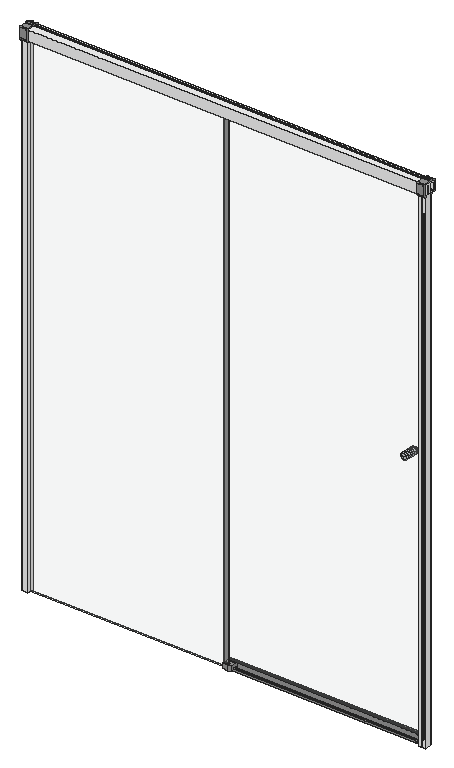
Revit family "Sanitary_Shower-screens_Duscholux_DuschoGravity_Slider-door-shower", category Plumbing Fixtures, Revit 2016
Family settings
  Part Type = Normal
  Round Connector Dimension = Use Diameter
  OmniClass Number = 23.45.00.00
  OmniClass Title = Sanitary, Laundry, and Cleaning Equipment
  Work Plane-Based = No
  Always vertical = Yes
  Cut with Voids When Loaded = No
  Shared = No
  Room Calculation Point = No
Parameters (values of type "White Aluminium Finish")
  Width = 1600 mm
  Uniclass 2015 Description = "Shower Enclosures"
  Uniclass 2015 Code = "PR-40-20-06-79"
  URL = "http://www.duscholux.es/"
  UNSPSC Code = "30181507"
  Thickness Safety Glass Sliding = 5 mm  # constant formula
  Thickness Safety Glass Fixed Panel = 8 mm  # constant formula
  Technical Inspection Certificate (Applus) = "http://www.duscholux.es/resources/custom/var/APPLUS_en.pdf"
  Sliding Door Width = (Min Max Width / 2) - 46.4 mm + 14 mm  # 767.6 mm
  Series = "DuschoGravity"
  Region South America = "Consult"
  Region Oceania = "Consult"
  Region North America = "Consult"
  Region Middle East = "Consult"
  Region Europe = "AD, ES, FR, PT"
  Region Asia = "Consult"
  Region Antartica = "Consult"
  Region Africa = "Consult"
  Ref. = "KAL / KAR"
  Products = "http://www.duscholux.es/mamparas_filtro.aspx?es"
  Product group = "Front for shower"
  Product family = "Duscho Gravity"
  Optional = "Towel rail / Shelf"
  Opening System Image = "http://blob.duscholux.es/pluma512/FDIzq1f1pcorredera.gif"
  Opening System = "Sliding"
  Opening Percentage = 0
  Opening Door = ((Min Max Width / 2) - 145 mm) * Opening Percentage / 100  # 0 mm
  Net Weight (Kg) = 60
  NBS Reference Description = "Shower Enclosures"
  NBS Reference Code = "45-35-70"
  Model = ""
  Min Max Width = if(Width < 1160 mm, 1160 mm, if(Width > 2000 mm, 2000 mm, Width))  # 1600 mm
  Max Height = if(Height > 2000 mm, 2000 mm, Height)  # 2000 mm
  Manufacturer name = "Duscholux Ibérica, S.A."
  Manufacturer country = "Spain"
  Maintenance and Cleaning = "http://www.duscholux.es/mamparas_limpieza.aspx?en"
  Image = "http://www.duscholux.es/resources/custom/img/mamparas/DUSCHO%20GRAVITY/modelos/1F1PFDC/mampara_h.jpg"
  IFC Classification = "Furnishing Element"
  Height = 2000 mm
  Handle Material = White Finish
  Handle Height = Max Height / 2  # 1000 mm
  Glass in Building UNE EN 12150 = "CE Conformity marking"
  Glass Material = Glass_Material-Duscholux
  Frame Material = White Aluminium Finish
  Fact Sheet = "http://blob.duscholux.es/enpdf2018/Gravity1F1PFD.pdf"
  Manufacturer = "Duscholux Ibérica, S.A."
  Environmental Management ISO 14001 = "ECOEMBES Certificate"
  Edition number = "1"
  Design country = "Spain / Germany"
  Description = "Front 1 fixed + 1 sliding door shower"
  Date of publishing = ""
  Assembly Code = "C1030200"
  Configuration enclosure = "http://configuratumampara.duscholux.es/eCatalogo.aspx"
  Components = "Eropean components"
  Type Comments = ""
  Combinations = "Lateral 90°"
  Certified Quality UNE EN 14428 = "http://www.duscholux.es/duscholux_downloads.aspx?es"
  COBIe Type Category = ""
  Brand = "Duscholux"
  Anti-Lime Treatment = "FeelNet 3D Included"
  Accesories Material = White Finish
Types (4, lengths in mm): name | Width | Sliding Door Width | Min Max Width | Handle Material | Frame Material | Accesories Material
  (no name) | 1600 | 767.6 | 1600 | White Finish | White Aluminium Finish | White Finish
  Platinum Aluminium Finish | 1400 | 667.6 | 1400 | Chrome_Finish | Platinum Aluminium Finish | Chrome_Finish
  White Aluminium Finish | 1600 | 767.6 | 1600 | White Finish | White Aluminium Finish | White Finish
  Silver Matt Aluminium Finish | 1400 | 667.6 | 1400 | Chrome_Finish | Silver Matt Aluminium Finish | Chrome_Finish
Reference planes
  plane 1 "Centro (Frontal/Posterior)": y = 0
  plane 2: z = 0
  plane 3 "Centro (Izquierda/Derecha)": x = 0
  plane 4: y = 4
  plane 5: y = -4
  plane 6: z = 1959.85
  plane 7: z = 2000
  plane 8: x = 1600
  plane 9: x = 800
  plane 10: x = 9
  plane 11: z = 1985
  plane 12: y = 23.487
  plane 13: z = 1000
  plane 14: x = 814
  plane 15: x = 786
  plane 16: x = 1562
  plane 17: x = 1568.5
  plane 18: x = 1572
  plane 19: x = 1553.6
Forms (mm)
  Extrusion 1, solid, material "White Aluminium Finish" <- "Frame Material"
    sketch origin (0, 0, 0) x (1, 0, 0) y (0, 1, 0)
      loop
        line (0, -10.5) -> (26.5, -10.5) -> (26.5, -4.3) -> (15.85, -4.3) -> (15.85, -9) -> (1.5, -9) -> (1.5, 0) -> (1.5, 13.2) -> (15.85, 13.2) -> (15.85, 4.3) -> (26.5, 4.3) -> (26.5, 14.7) -> (0, 14.7) -> (0, -10.5)
    from 0 to 1959.85
  Extrusion 2, solid, material "White Aluminium Finish" <- "Frame Material"
    sketch origin (0, 0, 0) x (0, 1, 0) y (0, 0, 1)
      loop
        arc (33.069, 1997) -> (32.191, 1999.121) -> (30.069, 2000) r 3
        line (30.069, 2000) -> (21.519, 2000) -> (21.519, 1997.261) -> (12.519, 1997.261) -> (12.519, 2000) -> (-16, 2000) -> (-16, 1959.85) -> (-6.5, 1959.85) -> (-6.5, 1994) -> (0, 1994) -> (6.5, 1994) -> (6.5, 1959.85) -> (18.5, 1959.85) -> (18.5, 1963.85) -> (9.5, 1963.85) -> (9.5, 1995.261) -> (23.519, 1995.261) -> (23.519, 1998.011) -> (31.069, 1998.011) -> (31.069, 1961.861) -> (29.669, 1961.861) -> (29.669, 1959.861) -> (33.069, 1959.861) -> (33.069, 1997)
      loop
        line (-13, 1991.05) -> (-13, 1963.879) -> (-9.5, 1963.879) -> (-9.5, 1991.05) -> (-13, 1991.05)
    from 0 to 1600
  Extrusion 3, solid, material "White Aluminium Finish" <- "Frame Material"
    sketch origin (653.556, 0, 0) x (-1, 0, 0) y (0, -1, 0)
      loop
        line (-946.444, 10.5) -> (-946.444, -14.7) -> (-919.944, -14.7) -> (-919.944, -4.3) -> (-930.594, -4.3) -> (-930.594, -13.2) -> (-944.944, -13.2) -> (-944.944, 0) -> (-944.944, 9) -> (-930.594, 9) -> (-930.594, 4.3) -> (-919.944, 4.3) -> (-919.944, 10.5) -> (-946.444, 10.5)
    from 0 to 1959.85
  Extrusion 4, solid, material "White Aluminium Finish" <- "Frame Material"
    sketch origin (0, 0, 0) x (1, 0, 0) y (0, 1, 0)
      loop
        line (1570, 16.4) -> (1570, 28.237) -> (1562, 28.237) -> (1562, 18.737) -> (1568.5, 18.737) -> (1568.5, -3.9) -> (1596.15, -3.9) -> (1596.15, 0) -> (1596.15, 3.9) -> (1570, 3.9) -> (1570, 14.9) -> (1600, 14.9) -> (1600, 16.4) -> (1570, 16.4)
    from 0 to 1959.85
  Extrusion 5, solid, material "Glass_Material-Duscholux" <- "Glass Material"
    sketch origin (512.5, -117.763, 0) x (1, 0, 0) y (0, 1, 0)
      loop
        line (-503.5, 121.763) -> (-503.5, 113.763) -> (301.5, 113.763) -> (301.5, 121.763) -> (-503.5, 121.763)
    from 2 to 1985
  Extrusion 6, solid, material "White Finish" <- "Accesories Material"
    sketch origin (-44.392, 49.436, 0) x (1, 0, 0) y (0, 1, 0)
      loop
        line (838.392, -57.436) -> (860.392, -57.436) -> (873.392, -53.436) -> (873.392, -18.436) -> (838.392, -18.436) -> (838.392, -57.436)
    from 0 to 18
  Extrusion 7, void
    sketch origin (0, 0, 0) x (1, 0, 0) y (0, 1, 0)
      loop
        line (794, 4) -> (794, -4) -> (814, -4) -> (814, 4) -> (794, 4)
    from 2 to 18
  Extrusion 8, solid, material "White Aluminium Finish" <- "Frame Material"
    sketch origin (200, -0.034, 0) x (1, 0, 0) y (0, 1, 0)
      loop
        line (1352.972, 27.547) -> (1349, 27.019)
        arc (1349, 27.019) -> (1348.57, 26.458) -> (1349.132, 26.028) r 0.5
        line (1349.132, 26.028) -> (1353.6, 26.622) -> (1353.6, 23.522) -> (1353.6, 20.422) -> (1349.132, 21.016)
        arc (1349.132, 21.016) -> (1348.57, 20.586) -> (1349, 20.025) r 0.5
        line (1349, 20.025) -> (1352.972, 19.497)
        arc (1352.972, 19.497) -> (1356.439, 17.322) -> (1360.531, 17.291) r 7.498
        arc (1360.531, 17.291) -> (1361.591, 18.007) -> (1362, 19.219) r 2
        line (1362, 19.219) -> (1362, 23.522) -> (1362, 27.825)
        arc (1362, 27.825) -> (1361.591, 29.037) -> (1360.531, 29.753) r 2
        arc (1360.531, 29.753) -> (1356.439, 29.722) -> (1352.972, 27.547) r 7.498
    from 0 to 1985
  Extrusion 9, void
    sketch origin (0, 0, 0) x (1, 0, 0) y (0, 1, 0)
      loop
        line (794, 27.487) -> (794, 19.487) -> (829, 19.487) -> (829, 27.487) -> (794, 27.487)
    from 2 to 18
  Extrusion 10, solid, material "Glass_Material-Duscholux" <- "Glass Material"
    sketch origin (49.241, 0, 0) x (1, 0, 0) y (0, 1, 0)
      loop
        line (1504.359, 25.987) -> (736.759, 25.987) -> (736.759, 20.987) -> (1504.359, 20.987) -> (1504.359, 25.987)
    from 3.238 to 1985
  Extrusion 11, solid, material "White Finish" <- "Accesories Material"
    sketch origin (0, 0, 0) x (0, 1, 0) y (0, 0, 1)
      loop
        line (12.519, 2005.435) -> (12.519, 2002.011) -> (-15, 2002.011)
        arc (-15, 2002.011) -> (-17.121, 2001.132) -> (-18, 1999.011) r 3
        line (-18, 1999.011) -> (-18, 1960.85)
        arc (-18, 1960.85) -> (-16.86, 1958.466) -> (-14.288, 1957.857) r 3.062
        line (-14.288, 1957.857) -> (-14.288, 1953.858) -> (-10.5, 1953.858) -> (-10.5, 1959.85) -> (-16, 1959.85) -> (-16, 2000) -> (30.069, 2000)
        arc (30.069, 2000) -> (32.191, 1999.121) -> (33.069, 1997) r 3
        line (33.069, 1997) -> (33.069, 1959.85) -> (14.7, 1959.85) -> (14.7, 1953.858) -> (18.488, 1953.858) -> (18.488, 1957.85) -> (32.069, 1957.85)
        arc (32.069, 1957.85) -> (34.191, 1958.729) -> (35.069, 1960.85) r 3
        line (35.069, 1960.85) -> (35.069, 1997.011)
        arc (35.069, 1997.011) -> (33.605, 2000.546) -> (30.069, 2002.011) r 5
        line (30.069, 2002.011) -> (21.49, 2002.011)
        arc (21.49, 2002.011) -> (20.786, 2004.401) -> (18.52, 2005.435) r 3
        line (18.52, 2005.435) -> (12.519, 2005.435)
    from 0 to 28
  Extrusion 12, solid, material "White Finish" <- "Accesories Material"
    sketch origin (653.556, 0, 0) x (0, 1, 0) y (0, 0, -1)
      loop
        line (12.519, -2005.435) -> (18.52, -2005.435)
        arc (18.52, -2005.435) -> (20.786, -2004.401) -> (21.49, -2002.011) r 3
        line (21.49, -2002.011) -> (30.069, -2002.011)
        arc (30.069, -2002.011) -> (33.605, -2000.546) -> (35.069, -1997.011) r 5
        line (35.069, -1997.011) -> (35.069, -1960.85)
        arc (35.069, -1960.85) -> (34.191, -1958.729) -> (32.069, -1957.85) r 3
        line (32.069, -1957.85) -> (20.188, -1957.85) -> (20.188, -1953.858) -> (16.4, -1953.858) -> (16.4, -1959.85) -> (33.069, -1959.85) -> (33.069, -1997)
        arc (33.069, -1997) -> (32.191, -1999.121) -> (30.069, -2000) r 3
        line (30.069, -2000) -> (-16, -2000) -> (-16, -1959.85) -> (-10.5, -1959.85) -> (-10.5, -1953.858) -> (-14.288, -1953.858) -> (-14.288, -1957.857)
        arc (-14.288, -1957.857) -> (-16.86, -1958.466) -> (-18, -1960.85) r 3.062
        line (-18, -1960.85) -> (-18, -1999.011)
        arc (-18, -1999.011) -> (-17.121, -2001.132) -> (-15, -2002.011) r 3
        line (-15, -2002.011) -> (12.519, -2002.011) -> (12.519, -2005.435)
    from -918.444 to -946.444
  Extrusion 13, solid, material "Plástico, transparente", detail levels fine
    sketch origin (0, 0, 0) x (0, 1, 0) y (0, 0, 1)
      loop
        line (19.487, 2) -> (27.487, 2) -> (27.487, 16.402) -> (48.009, 6.392) -> (48.009, 2.694)
        arc (48.009, 2.694) -> (48.748, 2.277) -> (49.487, 2.694) r 0.863
        line (49.487, 2.694) -> (49.487, 8.123) -> (26.761, 19.208)
        arc (26.761, 19.208) -> (26.201, 19.157) -> (25.987, 18.638) r 0.542
        line (25.987, 18.638) -> (26.237, 17.705) -> (26.237, 3.238) -> (20.737, 3.238) -> (20.737, 19.324) -> (19.487, 19.324) -> (19.487, 2)
    from 791 to 1553.6
  Extrusion 14, void
    sketch origin (0, 0, 0) x (0, 1, 0) y (0, 0, 1)
      loop
        line (31, 14.688) -> (31, 18) -> (27.487, 18) -> (27.487, 16.402) -> (31, 14.688)
    from 794 to 829
  Extrusion 15, solid, material "White Finish" <- "Accesories Material"
    sketch origin (0, -88.4, 0) x (0, 1, 0) y (0, 0, 1)
      loop
        line (86, 0) -> (96, 0) -> (96, 7.55)
        arc (96, 7.55) -> (95.282, 9.282) -> (93.55, 10) r 2.45
        line (93.55, 10) -> (91, 10) -> (88.45, 10)
        arc (88.45, 10) -> (86.718, 9.282) -> (86, 7.55) r 2.45
        line (86, 7.55) -> (86, 0)
    from 829 to 1568.5
  Extrusion 16, solid, material "Plástico, transparente", detail levels fine
    sketch origin (-2.798, 0, 0) x (1, 0, 0) y (0, 1, 0)
      loop
        line (793.798, 26.237) -> (793.798, 27.487) -> (787.498, 27.487) -> (787.498, 19.487) -> (792.798, 19.487) -> (792.798, 5.757) -> (793.798, 5.757) -> (793.798, 20.757) -> (788.798, 20.757) -> (788.798, 26.237) -> (793.798, 26.237)
    from 2 to 1985
  Extrusion 17, solid, not visible
    sketch origin (62.199, -0.034, 0) x (1, 0, 0) y (0, 1, 0)
      loop
        line (752.972, 27.547) -> (749, 27.019)
        arc (749, 27.019) -> (748.57, 26.458) -> (749.132, 26.028) r 0.5
        line (749.132, 26.028) -> (753.6, 26.622) -> (753.6, 23.522) -> (753.6, 20.422) -> (749.132, 21.016)
        arc (749.132, 21.016) -> (748.57, 20.586) -> (749, 20.025) r 0.5
        line (749, 20.025) -> (752.972, 19.497)
        arc (752.972, 19.497) -> (756.439, 17.322) -> (760.531, 17.291) r 7.498
        arc (760.531, 17.291) -> (761.591, 18.007) -> (762, 19.219) r 2
        line (762, 19.219) -> (762, 23.522) -> (762, 27.825)
        arc (762, 27.825) -> (761.591, 29.037) -> (760.531, 29.753) r 2
        arc (760.531, 29.753) -> (756.439, 29.722) -> (752.972, 27.547) r 7.498
    from 0 to 1876.165
Cuts and joins
  Extrusion 7 cuts Extrusion 5
  Extrusion 7, Extrusion 9, Extrusion 14 cuts Extrusion 6
Dimensions and locks
  equal spacing: plane 4, plane 1 "Centro (Frontal/Posterior)", plane 5
  "Thickness Safety Glass Fixed Panel": plane 4 to plane 5
  locked: plane 7 to plane 6 at 40.15
  equal spacing: plane 3 "Centro (Izquierda/Derecha)", plane 9, plane 8
  locked: plane 7 to plane 11 at 15
  locked: Extrusion 11 to plane 3 "Centro (Izquierda/Derecha)" at 28
  "Handle Height": plane 13 to level
  locked: plane 15 to plane 9 at 14
  locked: plane 9 to plane 14 at 14
  locked: plane 9 to cut or joined group of Extrusion 6, Extrusion 7, Extrusion 9, Extrusion 14 at 29
  locked: cut or joined group of Extrusion 6, Extrusion 7, Extrusion 9, Extrusion 14 to plane 9 at 6
  locked: nested 2 to Extrusion 10 at 45
  locked: plane 17 to plane 8 at 31.5
  locked: plane 16 to plane 8 at 38
  locked: plane 8 to plane 18 at 28
  locked: Extrusion 10 to Extrusion 13 at 5
  locked: Extrusion 16 to Extrusion 16 at 1.3
  locked: Extrusion 16 to Extrusion 16 at 1
  locked: Extrusion 16 to Extrusion 16 at 6.3
  "Sliding Door Width": Extrusion 10 to Extrusion 10
  locked: plane 19 to plane 8 at 46.4
  "Opening Door": Extrusion 10 to plane 19
  "Thickness Safety Glass Sliding": Extrusion 10 to Extrusion 10
  "Max Height": plane 7 to plane 2
  "Min Max Width": plane 3 "Centro (Izquierda/Derecha)" to plane 8
  aligned and locked: level to plane 2
  aligned and locked: plane 7 to Extrusion 2
  aligned and locked: Extrusion 2 to plane 6
  aligned and locked: Extrusion 1 to Extrusion 2
  aligned and locked: plane 8 to Extrusion 3
  aligned and locked: plane 8 to Extrusion 2
  aligned and locked: Extrusion 5 sketch curve to plane 4
  aligned and locked: plane 10 to Extrusion 5 sketch curve
  aligned and locked: Extrusion 5 sketch curve to plane 5
  aligned and locked: plane 11 to Extrusion 5
  aligned and locked: Extrusion 7 sketch curve to Extrusion 6
  aligned and locked: Extrusion 7 sketch curve to Extrusion 5
  aligned and locked: cut or joined group of Extrusion 6, Extrusion 7, Extrusion 9, Extrusion 14 to Extrusion 7
  aligned and locked: Extrusion 9 sketch curve to cut or joined group of Extrusion 6, Extrusion 7, Extrusion 9, Extrusion 14  (x2)
  aligned and locked: Extrusion 9 to cut or joined group of Extrusion 5, Extrusion 7
  aligned and locked: Extrusion 12 to Extrusion 4
  aligned and locked: Extrusion 14 to cut or joined group of Extrusion 6, Extrusion 7, Extrusion 9, Extrusion 14
  aligned and locked: cut or joined group of Extrusion 6, Extrusion 7, Extrusion 9, Extrusion 14 to Extrusion 14
  aligned and locked: Extrusion 15 to cut or joined group of Extrusion 6, Extrusion 7, Extrusion 9, Extrusion 14
  aligned and locked: Extrusion 15 to Extrusion 4
  aligned and locked: nested 1 to plane 13
  aligned and locked: plane 13 to nested 2
  aligned and locked: plane 14 to cut or joined group of Extrusion 5, Extrusion 7
  aligned and locked: Extrusion 4 to plane 16
  aligned and locked: Extrusion 4 to plane 17
  aligned and locked: plane 8 to Extrusion 12
  aligned and locked: Extrusion 12 to plane 18
  aligned and locked: Extrusion 13 to Extrusion 16
  aligned and locked: nested 1 to nested 2
  aligned and locked: Extrusion 8 to Extrusion 10
  aligned and locked: Extrusion 13 to Extrusion 10
  aligned and locked: Extrusion 16 to Extrusion 16
  aligned and locked: Extrusion 16 to Extrusion 10  (x2)
  aligned and locked: plane 11 to Extrusion 10
  aligned and locked: Extrusion 3 to Extrusion 2
  aligned and locked: plane 11 to Extrusion 8
  aligned and locked: Extrusion 4 to Extrusion 2
Automatic sketch dimensions
  Extrusion 1 sketch curve to plane 3 "Centro (Izquierda/Derecha)" = 0 mm
  plane 1 "Centro (Frontal/Posterior)" to Extrusion 1 sketch curve = 0 mm
  Extrusion 1 sketch curve to plane 3 "Centro (Izquierda/Derecha)" = 1.5 mm
  Extrusion 1 sketch curve to plane 10 = 6.85 mm  (x2)
  Extrusion 1 sketch curve to Extrusion 1 sketch curve = 10.65 mm
  plane 5 to Extrusion 1 sketch curve = 0.3 mm
  Extrusion 1 sketch curve to Extrusion 1 sketch curve = 0 mm
  Extrusion 1 sketch curve to plane 4 = 0.3 mm
  Extrusion 1 sketch curve to Extrusion 1 sketch curve = 1.5 mm  (x2)
  plane 5 to Extrusion 1 sketch curve = 5 mm
  Extrusion 2 sketch curve to plane 6 = 0 mm  (x2)
  Extrusion 2 sketch curve to plane 7 = 0 mm  (x2)
  Extrusion 2 sketch curve to plane 1 "Centro (Frontal/Posterior)" = 0 mm
  Extrusion 2 sketch curve to plane 5 = 2.5 mm
  Extrusion 2 sketch curve to Extrusion 2 sketch curve = 3 mm  (x3)
  Extrusion 2 sketch curve to Extrusion 2 sketch curve = 3.5 mm
  plane 4 to Extrusion 2 sketch curve = 2.5 mm
  Extrusion 2 sketch curve to Extrusion 2 sketch curve = 3.019 mm
  Extrusion 2 sketch curve to plane 12 = 0.032 mm
  plane 6 to Extrusion 2 sketch curve = 0.011 mm
  Extrusion 2 sketch curve to Extrusion 2 sketch curve = 1.4 mm
  Extrusion 2 sketch curve to Extrusion 2 sketch curve = 2 mm  (x2)
  plane 6 to Extrusion 2 sketch curve = 4 mm
  plane 6 to Extrusion 2 sketch curve = 4.029 mm
  plane 11 to Extrusion 2 sketch curve = 6.05 mm
  Extrusion 2 sketch curve to plane 7 = 6 mm
  Extrusion 2 sketch curve to plane 7 = 4.739 mm
  Extrusion 2 sketch curve to Extrusion 2 sketch curve = 2.739 mm
  Extrusion 2 sketch curve to plane 7 = 1.989 mm
  Extrusion 3 sketch curve to plane 8 = 0 mm
  plane 1 "Centro (Frontal/Posterior)" to Extrusion 3 sketch curve = 0 mm
  Extrusion 3 sketch curve to plane 8 = 1.5 mm
  Extrusion 3 sketch curve to plane 5 = 5 mm
  Extrusion 3 sketch curve to Extrusion 3 sketch curve = 14.35 mm  (x2)
  Extrusion 3 sketch curve to Extrusion 3 sketch curve = 10.65 mm
  Extrusion 3 sketch curve to plane 5 = 0.3 mm
  Extrusion 3 sketch curve to Extrusion 3 sketch curve = 0 mm
  plane 4 to Extrusion 3 sketch curve = 0.3 mm
  Extrusion 3 sketch curve to Extrusion 3 sketch curve = 1.5 mm  (x2)
  plane 1 "Centro (Frontal/Posterior)" to Extrusion 4 sketch curve = 0 mm
  Extrusion 4 sketch curve to plane 8 = 0 mm
  Extrusion 4 sketch curve to plane 4 = 0.1 mm
  Extrusion 4 sketch curve to plane 8 = 3.85 mm
  Extrusion 4 sketch curve to Extrusion 4 sketch curve = 26.15 mm
  Extrusion 4 sketch curve to Extrusion 4 sketch curve = 0 mm
  Extrusion 4 sketch curve to Extrusion 4 sketch curve = 1.5 mm  (x2)
  Extrusion 4 sketch curve to Extrusion 4 sketch curve = 8 mm
  plane 5 to Extrusion 4 sketch curve = 0.1 mm
  Extrusion 6 sketch curve to plane 5 = 0 mm
  Extrusion 6 sketch curve to plane 9 = 6 mm
  Extrusion 6 sketch curve to plane 5 = 4 mm
  Extrusion 7 sketch curve to plane 5 = 0 mm
  Extrusion 7 sketch curve to plane 4 = 0 mm
  Extrusion 8 sketch curve to Extrusion 8 sketch curve = 0 mm  (x2)
  Extrusion 8 sketch curve to Extrusion 8 sketch curve = 0.066 mm  (x4)
  Extrusion 8 sketch curve to Extrusion 8 sketch curve = 3.972 mm  (x2)
  Extrusion 8 sketch curve to Extrusion 8 sketch curve = 0.628 mm
  Extrusion 8 sketch curve to Extrusion 8 sketch curve = 4.94 mm
  Extrusion 8 sketch curve to Extrusion 8 sketch curve = 1.46 mm  (x2)
  Extrusion 8 sketch curve to Extrusion 8 sketch curve = 3.46 mm
  Extrusion 11 sketch curve to plane 6 = 0 mm  (x2)
  Extrusion 11 sketch curve to plane 7 = 0 mm
  Extrusion 11 sketch curve to plane 7 = 0.989 mm
  Extrusion 11 sketch curve to plane 5 = 14 mm
  Extrusion 11 sketch curve to Extrusion 11 sketch curve = 2 mm
  plane 7 to Extrusion 11 sketch curve = 2.011 mm  (x2)
  Extrusion 11 sketch curve to Extrusion 11 sketch curve = 1.062 mm
  Extrusion 11 sketch curve to Extrusion 11 sketch curve = 1.712 mm
  Extrusion 11 sketch curve to Extrusion 11 sketch curve = 3.788 mm  (x2)
  Extrusion 11 sketch curve to Extrusion 11 sketch curve = 0 mm
  Extrusion 11 sketch curve to plane 6 = 2 mm
  Extrusion 11 sketch curve to Extrusion 11 sketch curve = 1 mm
  plane 6 to Extrusion 11 sketch curve = 1 mm
  Extrusion 11 sketch curve to plane 6 = 5.992 mm
  Extrusion 11 sketch curve to Extrusion 11 sketch curve = 3.992 mm
  Extrusion 11 sketch curve to plane 6 = 1.993 mm
  plane 7 to Extrusion 11 sketch curve = 2.435 mm
  Extrusion 12 sketch curve to plane 6 = 0 mm  (x2)
  Extrusion 12 sketch curve to plane 7 = 0 mm
  Extrusion 12 sketch curve to plane 7 = 0.989 mm
  Extrusion 12 sketch curve to plane 5 = 14 mm
  Extrusion 12 sketch curve to Extrusion 12 sketch curve = 2 mm
  plane 7 to Extrusion 12 sketch curve = 2.011 mm  (x2)
  Extrusion 12 sketch curve to Extrusion 12 sketch curve = 1.062 mm
  Extrusion 12 sketch curve to Extrusion 12 sketch curve = 1.712 mm
  Extrusion 12 sketch curve to Extrusion 12 sketch curve = 3.788 mm
  Extrusion 12 sketch curve to Extrusion 12 sketch curve = 0 mm
  Extrusion 12 sketch curve to plane 6 = 2 mm
  Extrusion 12 sketch curve to Extrusion 12 sketch curve = 1 mm
  plane 6 to Extrusion 12 sketch curve = 1 mm  (x2)
  plane 7 to Extrusion 12 sketch curve = 2.435 mm
  Extrusion 12 sketch curve to Extrusion 12 sketch curve = 3.992 mm
  Extrusion 12 sketch curve to Extrusion 12 sketch curve = 3.999 mm
  Extrusion 13 sketch curve to Extrusion 13 sketch curve = 0.238 mm
  level to Extrusion 13 sketch curve = 6.392 mm
  Extrusion 13 sketch curve to Extrusion 13 sketch curve = 20.522 mm
  Extrusion 13 sketch curve to Extrusion 13 sketch curve = 0.739 mm
  Extrusion 13 sketch curve to Extrusion 13 sketch curve = 1.478 mm
  level to Extrusion 13 sketch curve = 3.238 mm
  level to Extrusion 13 sketch curve = 3.14 mm
  Extrusion 13 sketch curve to Extrusion 13 sketch curve = 0.446 mm
  Extrusion 13 sketch curve to Extrusion 13 sketch curve = 1.238 mm
  Extrusion 13 sketch curve to Extrusion 13 sketch curve = 1.731 mm
  Extrusion 13 sketch curve to Extrusion 13 sketch curve = 13.163 mm
  Extrusion 13 sketch curve to Extrusion 13 sketch curve = 1.303 mm
  Extrusion 13 sketch curve to Extrusion 13 sketch curve = 0.933 mm
  Extrusion 13 sketch curve to Extrusion 13 sketch curve = 0.083 mm
  Extrusion 13 sketch curve to Extrusion 13 sketch curve = 0.686 mm
  Extrusion 13 sketch curve to Extrusion 13 sketch curve = 1.25 mm  (x2)
  Extrusion 14 sketch curve to Extrusion 14 sketch curve = 3.513 mm
  level to Extrusion 14 sketch curve = 18 mm
  Extrusion 14 sketch curve to Extrusion 14 sketch curve = 1.598 mm
  Extrusion 14 sketch curve to Extrusion 14 sketch curve = 3.312 mm
  Extrusion 15 sketch curve to level = 0 mm
  Extrusion 15 sketch curve to Extrusion 15 sketch curve = 2.45 mm
  Extrusion 15 sketch curve to Extrusion 15 sketch curve = 2.55 mm  (x2)
  level to Extrusion 15 sketch curve = 7.55 mm
  Extrusion 15 sketch curve to Extrusion 15 sketch curve = 0 mm
  plane 9 to Extrusion 5 sketch curve = 14 mm
  plane 9 to Extrusion 6 sketch curve = 16 mm
  plane 9 to Extrusion 6 sketch curve = 29 mm
  Extrusion 10 sketch curve to plane 9 = 14 mm
  Extrusion 16 sketch curve to plane 15 = 0 mm
  Extrusion 16 sketch curve to plane 15 = 1.3 mm
  plane 15 to Extrusion 16 sketch curve = 4 mm
  plane 15 to Extrusion 16 sketch curve = 5 mm
  Extrusion 16 sketch curve to Extrusion 16 sketch curve = 1 mm
  Extrusion 16 sketch curve to Extrusion 16 sketch curve = 1.25 mm
  plane 4 to Extrusion 16 sketch curve = 1.757 mm
  Extrusion 1 sketch curve to Extrusion 1 sketch curve = 8.9 mm
  plane 12 to Extrusion 2 sketch curve = 4.987 mm
  plane 12 to Extrusion 2 sketch curve = 1.968 mm
  Extrusion 3 sketch curve to Extrusion 3 sketch curve = 8.9 mm
  plane 12 to Extrusion 4 sketch curve = 8.587 mm
  Extrusion 4 sketch curve to Extrusion 4 sketch curve = 2.337 mm
  Extrusion 8 sketch curve to Extrusion 8 sketch curve = 0.496 mm  (x2)
  Extrusion 8 sketch curve to Extrusion 8 sketch curve = 0.925 mm  (x2)
  Extrusion 8 sketch curve to Extrusion 8 sketch curve = 3.305 mm  (x2)
  plane 12 to Extrusion 9 sketch curve = 4 mm
  plane 12 to Extrusion 10 sketch curve = 2.5 mm
  plane 4 to Extrusion 11 sketch curve = 8.519 mm
  plane 12 to Extrusion 11 sketch curve = 8.787 mm
  plane 12 to Extrusion 11 sketch curve = 4.967 mm
  plane 12 to Extrusion 11 sketch curve = 1.998 mm
  plane 7 to Extrusion 12 sketch curve = 5.435 mm
  plane 4 to Extrusion 12 sketch curve = 8.519 mm
  plane 12 to Extrusion 12 sketch curve = 7.087 mm
  plane 12 to Extrusion 12 sketch curve = 4.967 mm
  plane 12 to Extrusion 12 sketch curve = 3.299 mm
  plane 12 to Extrusion 13 sketch curve = 2.75 mm
  plane 12 to Extrusion 16 sketch curve = 4 mm
  Extrusion 16 sketch curve to Extrusion 16 sketch curve = 1.27 mm
  Extrusion 2 sketch curve to plane 12 = 6.182 mm
  Extrusion 2 sketch curve to Extrusion 2 sketch curve = 1 mm
  Extrusion 4 sketch curve to plane 12 = 4.75 mm
  Extrusion 6 sketch curve to plane 12 = 7.513 mm
  Extrusion 8 sketch curve to Extrusion 8 sketch curve = 3.1 mm  (x2)
  Extrusion 9 sketch curve to plane 12 = 4 mm
  Extrusion 10 sketch curve to plane 12 = 2.5 mm
  Extrusion 11 sketch curve to plane 12 = 6.582 mm
  Extrusion 11 sketch curve to plane 12 = 8.582 mm
  Extrusion 12 sketch curve to plane 12 = 6.582 mm
  Extrusion 12 sketch curve to plane 12 = 8.582 mm
  Extrusion 13 sketch curve to plane 12 = 2.5 mm
  Extrusion 13 sketch curve to Extrusion 13 sketch curve = 0.25 mm
  Extrusion 13 sketch curve to Extrusion 13 sketch curve = 0.536 mm
  Extrusion 14 sketch curve to plane 12 = 4 mm
  plane 5 to Extrusion 15 sketch curve = 1.6 mm
  Extrusion 16 sketch curve to plane 12 = 2.75 mm
  Extrusion 10 sketch curve to plane 16 = 8.4 mm
  Extrusion 8 sketch curve to Extrusion 8 sketch curve = 3.027 mm
  Extrusion 8 sketch curve to Extrusion 8 sketch curve = 0.528 mm
  Extrusion 8 sketch curve to Extrusion 8 sketch curve = 0.997 mm
  Extrusion 8 sketch curve to Extrusion 8 sketch curve = 1.995 mm
  Extrusion 8 sketch curve to Extrusion 8 sketch curve = 1.519 mm
  Extrusion 17 sketch curve to Extrusion 17 sketch curve = 0 mm  (x2)
  Extrusion 17 sketch curve to Extrusion 17 sketch curve = 0.066 mm  (x4)
  Extrusion 17 sketch curve to Extrusion 17 sketch curve = 3.972 mm  (x2)
  Extrusion 17 sketch curve to Extrusion 17 sketch curve = 0.628 mm
  Extrusion 17 sketch curve to Extrusion 17 sketch curve = 4.94 mm
  Extrusion 17 sketch curve to Extrusion 17 sketch curve = 1.46 mm  (x2)
  Extrusion 17 sketch curve to Extrusion 17 sketch curve = 3.46 mm
  Extrusion 17 sketch curve to Extrusion 17 sketch curve = 0.496 mm  (x2)
  Extrusion 17 sketch curve to Extrusion 17 sketch curve = 0.925 mm  (x2)
  Extrusion 17 sketch curve to Extrusion 17 sketch curve = 3.305 mm  (x2)
  Extrusion 17 sketch curve to Extrusion 17 sketch curve = 3.1 mm  (x2)
  Extrusion 17 sketch curve to Extrusion 17 sketch curve = 3.027 mm
  Extrusion 17 sketch curve to Extrusion 17 sketch curve = 0.528 mm
  Extrusion 17 sketch curve to Extrusion 17 sketch curve = 0.997 mm
  Extrusion 17 sketch curve to Extrusion 17 sketch curve = 1.995 mm
  Extrusion 17 sketch curve to Extrusion 17 sketch curve = 1.519 mm
  Extrusion 8 sketch curve to plane 19 = 0 mm
  plane 12 to Extrusion 8 sketch curve = 0 mm
Nested families
  nested 1: "Handle-Gravity" at (1508.6, 20.987, 1000) x (1, 0, 0) z (0, -1, 0), type "Handle-Gravity", detail levels medium+fine
  nested 2: "Handle-Gravity" at (1508.6, 25.987, 1000) x (1, 0, 0) z (0, 1, 0), type "Handle-Gravity", detail levels medium+fine
Definition of nested family "Handle-Gravity"
  Parameters (values of type "Tirador311489")
    Handle Material = none
    Default Elevation = 1219.2 mm
  Reference planes
    plane 1 "Centro (Frontal/Posterior)": y = 0
    plane 2: z = 0
    plane 3 "Centro (Izquierda/Derecha)": x = 0
  Forms (mm)
    Extrusion 1, solid
      sketch origin (0, 0, 0) x (1, 0, 0) y (0, 1, 0)
        loop
          line (-1219.2, 1219.2) -> (-1219.2, -1219.2) -> (1219.2, -1219.2) -> (1219.2, 1219.2) -> (-1219.2, 1219.2)
      from 0 to -304.8
    Revolve 2, solid
      sketch origin (-255.555, 0, -108.84) x (1, 0, 0) y (0, 0, 1)
        loop
          arc (255.555, 132.84) -> (249.874, 132.609) -> (244.231, 131.918) r 70
          arc (244.231, 131.918) -> (243.027, 131.235) -> (242.555, 129.934) r 2
          line (242.555, 129.934) -> (242.555, 127.939) -> (244.555, 127.403) -> (244.555, 113.44) -> (242.555, 112.904) -> (242.555, 108.84) -> (255.555, 108.84) -> (255.555, 132.84)
        axis (255.555, 132.84) -> (255.555, 108.84)
      angle from 0 to 360
  Dimensions and locks
    aligned and locked: plane 2 to Extrusion 1
    aligned and locked: level to Extrusion 1
